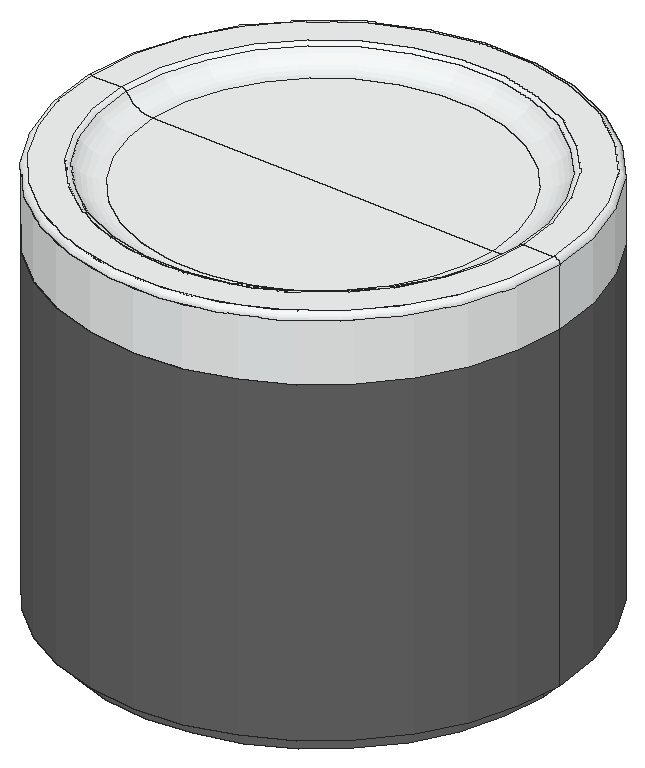
Revit family "66057_HOST_FACE", category Lighting Fixtures, host Face, Revit 2020
Family settings
  Host = Face
  Round Connector Dimension = Use Diameter
  Part Type = Normal
  Cut with Voids When Loaded = Yes
  Light Source = Yes
  Shared = No
  Room Calculation Point = No
Parameters (values of type "Surface Ceiling Luminaires - Downlights")
  Wattage = 13.3632 W
  built-in parameter 1150110 = 1 (stored number, unit not read)
  URL = "www.bega-us.com"
  built-in parameter 1114217 = 1 (stored number, unit not read)
  Tilt Angle = 180.00°
  built-in parameter 1150109 = 1 (stored number, unit not read)
  built-in parameter 1150134 = (empty or 0)
  Telephone = "805.684.0533"
  built-in parameter 1150113 = 1 (stored number, unit not read)
  Photometric Web File = "66057K4.ies"
  Model = "66 057"
  Manufacturer = "BEGA-US"
  built-in parameter 1150105 = 157.96 (stored number, unit not read)
  Lumens = 1985 lm
  built-in parameter 1150115 = 1 (stored number, unit not read)
  built-in parameter 1150137 = (empty or 0)
  built-in parameter 1150139 = (empty or 0)
  built-in parameter 1150112 = 1 (stored number, unit not read)
  built-in parameter 1150114 = 1 (stored number, unit not read)
  Lamp = "15.7W LED"
  built-in parameter 1150132 = 2
  built-in parameter 1150102 = (empty or 0)
  built-in parameter 1150107 = 3000 (stored number, unit not read)
  built-in parameter 1150138 = (empty or 0)
  built-in parameter 1150106 = 1.5796 (stored number, unit not read)
  built-in parameter 1150104 = 13.8 (stored number, unit not read)
  Dimming Lamp Color Temperature Shift = <None>
  Description = "Surface ceiling Luminaries - Downlights"
  Default Elevation = 0' - 0"
  Color Filter = 16777215
  built-in parameter 1114218 = 1 (stored number, unit not read)
  built-in parameter 1150133 = 10 (stored number, unit not read)
Types (28): name | Wattage | Tilt Angle | built-in parameter 1150134 | Photometric Web File | Model | built-in parameter 1150105 | Lumens | Lamp | built-in parameter 1150107 | built-in parameter 1150106 | Description | Default Elevation
  (no name) | 13.3632 W | 180.00° | (empty or 0) | "66057K4.ies" | "66 057" | 157.96 (stored number, unit not read) | 1985 lm | "15.7W LED" | 3000 (stored number, unit not read) | 1.5796 (stored number, unit not read) | "Surface ceiling Luminaries - Downlights" | 0' - 0"
  Wall Luminaires - Directed Light | 18.4392 W | 90.00° | (empty or 0) | "generic" | "2260LED" | 217.96 (stored number, unit not read) | 2739 lm | "44.6W LED" | 3000 (stored number, unit not read) | 2.1796 (stored number, unit not read) | "Surface wall with cutoff optics" | 6' - 0"
  Wall Luminaires - Linear | 9.92985 W | 90.00° | 9 | "generic" | "4425P" | 117.38 (stored number, unit not read) | 1475 lm | "(1) 39W CF twin-4-p" | 3450 (stored number, unit not read) | 1.1738 (stored number, unit not read) | "Suface wall - linear with white acrylic diffuser" | 6' - 0"
  Ceiling and Wall Luminaires - Unshielded | 2.66591 W | 0.00° | (empty or 0) | "33508.ies" | "33 508" | 31.513 (stored number, unit not read) | 396 lm | "W LED" | 3000 (stored number, unit not read) | 0.31513 (stored number, unit not read) | "LED ceiling and wall luminaires - impact resistant" | 0' - 0"
  Recessed Luminaires - Round | 2.66591 W | 0.00° | (empty or 0) | "33508.ies" | "33 508" | 31.513 (stored number, unit not read) | 396 lm | "W LED" | 3000 (stored number, unit not read) | 0.31513 (stored number, unit not read) | "LED ceiling and wall luminaires - impact resistant" | 0' - 0"
  Recessed Luminaires - Square | 0.0067321 W | 0.00° | (empty or 0) | "88754.IES" | 0' - 0" | 0.079577 (stored number, unit not read) | 1 lm | "W LED" | 3000 (stored number, unit not read) | 0.00079577 (stored number, unit not read) | 0' - 0" | 0' - 0"
  Recessed Luminaires - Retangular | 2.66591 W | 0.00° | (empty or 0) | "33508.ies" | "33 508" | 31.513 (stored number, unit not read) | 396 lm | "W LED" | 3000 (stored number, unit not read) | 0.31513 (stored number, unit not read) | "LED ceiling and wall luminaires - impact resistant" | 0' - 0"
  Recessed Luminaires - Elongated | 2.66591 W | 0.00° | (empty or 0) | "33508.ies" | "33 508" | 31.513 (stored number, unit not read) | 396 lm | "W LED" | 3000 (stored number, unit not read) | 0.31513 (stored number, unit not read) | "LED ceiling and wall luminaires - impact resistant" | 0' - 0"
  Recessed Ceiling Luminaires - Downlights | 2.66591 W | 0.00° | (empty or 0) | "33508.ies" | "33 508" | 31.513 (stored number, unit not read) | 396 lm | "W LED" | 3000 (stored number, unit not read) | 0.31513 (stored number, unit not read) | "LED ceiling and wall luminaires - impact resistant" | 0' - 0"
  Recessed Ceiling Luminaires - Asymmetric | 2.66591 W | 0.00° | (empty or 0) | "33508.ies" | "33 508" | 31.513 (stored number, unit not read) | 396 lm | "W LED" | 3000 (stored number, unit not read) | 0.31513 (stored number, unit not read) | "LED ceiling and wall luminaires - impact resistant" | 0' - 0"
  Pendant and Cable Suspended Luminaires - Shielded | 2.66591 W | 0.00° | (empty or 0) | "33508.ies" | "33 508" | 31.513 (stored number, unit not read) | 396 lm | "W LED" | 3000 (stored number, unit not read) | 0.31513 (stored number, unit not read) | "LED ceiling and wall luminaires - impact resistant" | 0' - 0"
  Pendant and Cable Suspended Luminaires - Directed | 2.66591 W | 0.00° | (empty or 0) | "33508.ies" | "33 508" | 31.513 (stored number, unit not read) | 396 lm | "W LED" | 3000 (stored number, unit not read) | 0.31513 (stored number, unit not read) | "LED ceiling and wall luminaires - impact resistant" | 0' - 0"
  Ceiling Luminaires - Downlights | 13.3632 W | 180.00° | (empty or 0) | "66057K4.ies" | "66057" | 157.96 (stored number, unit not read) | 1985 lm | "15.7W LED" | 3000 (stored number, unit not read) | 1.5796 (stored number, unit not read) | "Surface ceiling Luminaries - Downlights" | 0' - 0"
  Ceiling Luminaires - Asymmetric | 2.66591 W | 0.00° | (empty or 0) | "33508.ies" | "33 508" | 31.513 (stored number, unit not read) | 396 lm | "W LED" | 3000 (stored number, unit not read) | 0.31513 (stored number, unit not read) | "LED ceiling and wall luminaires - impact resistant" | 0' - 0"
  Ceiling and Wall Luminaires - Stainless Steel | 2.66591 W | 0.00° | (empty or 0) | "33508.ies" | "33 508" | 31.513 (stored number, unit not read) | 396 lm | "W LED" | 3000 (stored number, unit not read) | 0.31513 (stored number, unit not read) | "LED ceiling and wall luminaires - impact resistant" | 0' - 0"
  Wall Luminaires - Stainless Steel | 2.66591 W | 0.00° | (empty or 0) | "33508.ies" | "33 508" | 31.513 (stored number, unit not read) | 396 lm | "W LED" | 3000 (stored number, unit not read) | 0.31513 (stored number, unit not read) | "LED ceiling and wall luminaires - impact resistant" | 0' - 0"
  Wall Luminaires - Unshielded Light | 2.66591 W | 0.00° | (empty or 0) | "33508.ies" | "33 508" | 31.513 (stored number, unit not read) | 396 lm | "W LED" | 3000 (stored number, unit not read) | 0.31513 (stored number, unit not read) | "LED ceiling and wall luminaires - impact resistant" | 0' - 0"
  Wall Luminaires - Shielded Light | 2.66591 W | 0.00° | (empty or 0) | "33508.ies" | "33 508" | 31.513 (stored number, unit not read) | 396 lm | "W LED" | 3000 (stored number, unit not read) | 0.31513 (stored number, unit not read) | "LED ceiling and wall luminaires - impact resistant" | 0' - 0"
  On-Ground Luminaires | 2.66591 W | 0.00° | (empty or 0) | "33508.ies" | "33 508" | 31.513 (stored number, unit not read) | 396 lm | "W LED" | 3000 (stored number, unit not read) | 0.31513 (stored number, unit not read) | "LED ceiling and wall luminaires - impact resistant" | 0' - 0"
  Light Design Elements | 2.66591 W | 0.00° | (empty or 0) | "33508.ies" | "33 508" | 31.513 (stored number, unit not read) | 396 lm | "W LED" | 3000 (stored number, unit not read) | 0.31513 (stored number, unit not read) | "LED ceiling and wall luminaires - impact resistant" | 0' - 0"
  LED System Bollard | 2.66591 W | 0.00° | (empty or 0) | "33508.ies" | "33 508" | 31.513 (stored number, unit not read) | 396 lm | "W LED" | 3000 (stored number, unit not read) | 0.31513 (stored number, unit not read) | "LED ceiling and wall luminaires - impact resistant" | 0' - 0"
  Bollards | 2.66591 W | 0.00° | (empty or 0) | "33508.ies" | "33 508" | 31.513 (stored number, unit not read) | 396 lm | "W LED" | 3000 (stored number, unit not read) | 0.31513 (stored number, unit not read) | "LED ceiling and wall luminaires - impact resistant" | 0' - 0"
  Bollards - Stainless Steel | 2.66591 W | 0.00° | (empty or 0) | "33508.ies" | "33 508" | 31.513 (stored number, unit not read) | 396 lm | "W LED" | 3000 (stored number, unit not read) | 0.31513 (stored number, unit not read) | "LED ceiling and wall luminaires - impact resistant" | 0' - 0"
  Light Building Elements | 2.66591 W | 0.00° | (empty or 0) | "33508.ies" | "33 508" | 31.513 (stored number, unit not read) | 396 lm | "W LED" | 3000 (stored number, unit not read) | 0.31513 (stored number, unit not read) | "LED ceiling and wall luminaires - impact resistant" | 0' - 0"
  Pole-top Luminaires - with asymmetrical light distribution | 2.66591 W | 0.00° | (empty or 0) | "33508.ies" | "33 508" | 31.513 (stored number, unit not read) | 396 lm | "W LED" | 3000 (stored number, unit not read) | 0.31513 (stored number, unit not read) | "LED ceiling and wall luminaires - impact resistant" | 0' - 0"
  Pole-top Luminaires - with symmetrical light distribution | 2.66591 W | 0.00° | (empty or 0) | "33508.ies" | "33 508" | 31.513 (stored number, unit not read) | 396 lm | "W LED" | 3000 (stored number, unit not read) | 0.31513 (stored number, unit not read) | "LED ceiling and wall luminaires - impact resistant" | 0' - 0"
  Pole-top Luminaires - with indirect light | 2.66591 W | 0.00° | (empty or 0) | "88754.IES" | "33 508" | 31.513 (stored number, unit not read) | 396 lm | "W LED" | 3000 (stored number, unit not read) | 0.31513 (stored number, unit not read) | "LED ceiling and wall luminaires - impact resistant" | 0' - 0"
  Surface Ceiling Luminaires - Downlights | 13.3632 W | 180.00° | (empty or 0) | "66057K4.ies" | "66 057" | 157.96 (stored number, unit not read) | 1985 lm | "15.7W LED" | 3000 (stored number, unit not read) | 1.5796 (stored number, unit not read) | "Surface ceiling Luminaries - Downlights" | 0' - 0"
Reference planes (in)
  plane 1 "Center (Front/Back)": y = 0
  plane 2: z = 0
  plane 3 "Center (Left/Right)": x = 0
Dimensions and locks (in)
  aligned and locked: plane 2 to host face
  aligned and locked: level to host face
Nested families (in)
  nested 1: "66057" at (0, 0, 0), type "66057"
Connectors (in)
  electrical at (0, 0, 0)
    settings: on host face, index 1, voltage 0 V, apparent load 0 VA, apparent load phase1 0 VA, apparent load phase2 0 VA, apparent load phase3 0 VA, power factor 1, load classification "Other", number of poles 1, system type 31, power factor state 1, is connector primary yes, connector utility no, sub classification motor no, connector description ""
Definition of nested family "66057"
  Parameters (values of type "66057")
    Radius = 0' - 3 3/4"
    Height = 0' - 1"
    Depth = 0' 6 77/256" - Height  # 0' - 5 77/256"
    Default Elevation = 0' - 0"
  Reference planes (in)
    plane 1 "Center (Front/Back)": y = 0
    plane 2: z = 0
    plane 3 "Center (Left/Right)": x = 0
    plane 4: y = 0
  Forms (in)
    Revolve 1, solid
      sketch origin (0, 0, 5.30078) x (1, 0, 0) y (0, 0, 1)
        loop
          line (0, 0) -> (-3.75, 0) -> (-3.75, -5.05078) -> (-3.5, -5.05078) -> (-3.5, -5.30078) -> (0, -5.30078) -> (0, 0)
        axis (0, 0) -> (0, -5.30078)
      angle from 0 to 360
    Revolve 2, solid
      sketch origin (0, 0, 5.30078) x (1, 0, 0) y (0, 0, 1)
        loop
          line (0, 0) -> (0, 0.74118) -> (-2.68855, 0.74118)
          arc (-2.68855, 0.74118) -> (-2.93214, 0.78904) -> (-3.11416, 0.95785) r 0.45409
          arc (-3.11416, 0.95785) -> (-3.14612, 0.98874) -> (-3.18912, 1) r 0.08771
          line (-3.18912, 1) -> (-3.65865, 1)
          arc (-3.65865, 1) -> (-3.72324, 0.97324) -> (-3.75, 0.90865) r 0.09135
          line (-3.75, 0.90865) -> (-3.75, 0) -> (0, 0)
        axis (0, 1) -> (0, 0)
      angle from 0 to 360
  Dimensions and locks (in)
    aligned and locked: plane 2 to level
